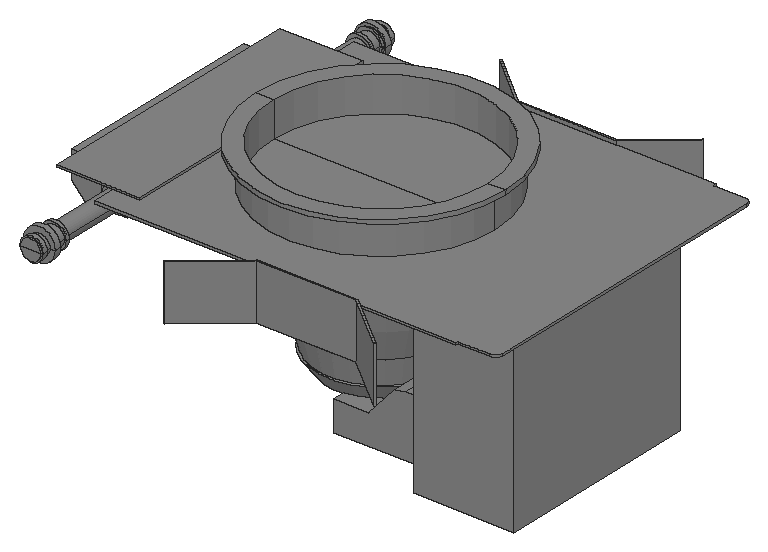
Revit family "CFR8", category Lighting Fixtures, host Face, Revit 2014
Parameters (values of type "CFR8")
  Watts = 26 W
  Wattage Comments = "18W/26W"  # constant formula
  Wattage = 26 W
  built-in parameter 1150110 = 1 (stored number, unit not read)
  Voltage = 120 V
  URL = "https://www.hubbell.com/prescolite/en/"
  built-in parameter 1114217 = 1 (stored number, unit not read)
  Tilt Angle = -90.00°
  built-in parameter 1150109 = 1 (stored number, unit not read)
  built-in parameter 1150134 = 3
  built-in parameter 1150113 = 1 (stored number, unit not read)
  Product Page URL = "https://www.hubbell.com/prescolite/en/Products/Lighting-Controls/Commercial-Indoor-Lighting/Recessed-Downlights/CFR8/p/212847"
  Product Documentation Link = "https://hubbellcdn.com/specsheet/arch_cfl_026.pdf"
  Power Factor = 0.97
  Photometric Web Link = "https://www.hubbell.com/prescolite/en/Products/Lighting-Controls/Commercial-Indoor-Lighting/Recessed-Downlights/CFR8/p/212847"
  Photometric Web File = "CFR8126UEB  ST492A1CL.ies"
  Photometric Notes = "More IES files download on Photometric Web Link"  # constant formula
  built-in parameter 1150142 = "IESNA:LM-63-2002\r\n[ISSUEDATE]05/27/09\r\n[TEST]ITL62344\r\n[TESTLAB]INDEPENDENT TESTING LABORATORIES, INC.\r\n[MANUFAC]PRESCOLITE, A DIVISION OF HUBBELL LIGHTING, INC.\r\n[LUMCAT]CFR8126UEB, ST492A1CL\r\n[LUMINAIRE]FABRICATED METAL FRAME, SPUN WHITE PAINTED METAL UPPER\r\n[MORE]REFLECTOR, SPUN SPECULAR METAL LOWER REFLECTOR WITH CLEAR\r\n[MORE]FLAT ACRYLIC LENS OVER UPPER APERTURE.\r\n[LAMP]ONE 26-WATT DOUBLE TWIN TUBE COMPACT FLUORESCENT, SYLVANIA\r\n[MORE]CF26DD/E/830. LAMP HORIZONTAL WITH TUBES VERTICAL.\r\n[BALLAST]ADVANCE ICF-2S26-H1-LD\r\n[_MOUNTING]RECESSED\r\n[OTHER]THE 0 DEGREE PLANE IS OPPOSITE THE SOCKET.\r\n[OTHER]TOTAL INPUT WATTS = 26.1 AT 120.0 VOLTS\r\nTILT=NONE\r\n1 1710 1 37 9 1 1 -0.65104 -0.65104 0\r\n1 1 26.1\r\n0 2.5 5 7.5 10 12.5 15 17.5 20 22.5 25 27.5 30 32.5 35 37.5 40 42.5 45 47.5 50\r\n 52.5 55 57.5 60 62.5 65 67.5 70 72.5 75 77.5 80 82.5 85 87.5 90\r\n0 22.5 45 67.5 90 112.5 135 157.5 180\r\n480 483 491 503 522 553 579 588 575 545 499 439 385 330 275 227 186 151 128 102\r\n 76 61 45 23 11 5 3 2 1 1 1 1 0 0 0 0 0\r\n480 476 487 500 514 533 557 567 563 552 526 487 436 384 322 269 218 175 145 116\r\n 87 67 52 30 15 6 4 2 2 1 1 1 0 0 0 0 0\r\n480 479 483 487 491 495 507 533 549 545 532 502 455 392 328 268 215 168 137 109\r\n 86 67 49 25 12 5 3 2 1 1 1 1 0 0 0 0 0\r\n480 479 482 487 491 494 502 517 548 567 563 548 513 451 372 295 225 175 147 123\r\n 95 72 52 29 14 6 3 2 2 1 1 1 0 0 0 0 0\r\n480 481 484 486 493 504 513 530 566 585 585 569 525 436 351 269 214 173 144 115\r\n 88 66 45 22 11 4 3 2 2 1 1 1 0 0 0 0 0\r\n480 482 484 489 494 499 509 526 559 577 578 566 530 462 378 297 230 179 148 122\r\n 95 71 52 28 13 5 3 2 2 1 1 1 0 0 0 0 0\r\n480 493 501 511 519 526 540 570 584 581 568 535 479 409 343 278 222 172 134 109\r\n 85 66 46 22 11 4 3 2 1 1 1 1 0 0 0 0 0\r\n480 485 496 511 528 552 583 595 594 586 564 522 464 398 337 281 235 188 151 118\r\n 91 70 53 30 13 5 3 2 2 1 1 1 0 0 0 0 0\r\n480 494 509 531 560 593 631 646 633 593 537 469 407 347 294 247 206 166 133 108\r\n 81 66 49 24 11 4 3 2 1 1 1 0 0 0 0 0 0\r\n\u001a\r\n"
  Model = "CFR8"  # constant formula
  Manufacturer = "Prescolite"  # constant formula
  built-in parameter 1150105 = 1720.3 (stored number, unit not read)
  Lumens = 1794 lm
  built-in parameter 1150115 = 1 (stored number, unit not read)
  Load Classification = Lighting
  built-in parameter 1150137 = (empty or 0)
  built-in parameter 1150139 = (empty or 0)
  built-in parameter 1150112 = 1 (stored number, unit not read)
  built-in parameter 1150114 = 1 (stored number, unit not read)
  Lamp = "CFL"  # constant formula
  built-in parameter 1150132 = (empty or 0)
  built-in parameter 1150102 = (empty or 0)
  built-in parameter 1150107 = 3200 (stored number, unit not read)
  built-in parameter 1150138 = (empty or 0)
  built-in parameter 1150106 = 17.203 (stored number, unit not read)
  Housing = Steel - Hubbell - Gray
  Glass = Hubbell - White Glass
  Finish = Steel - Hubbell - Gray
  Emit from Circle Diameter = 8"  # constant formula
  Emit Shape Visible in Rendering = no
  built-in parameter 1150104 = 6.4103 (stored number, unit not read)
  Dimming Lamp Color Temperature Shift = <None>
  Description = "8'' Horizontal Open,or Wall Wash Downlight"  # constant formula
  Default Elevation = 22"
  Contact Us = "https://www.hubbell.com/prescolite/en/contactUs"
  Color Filter = 16777215
  built-in parameter 1114218 = 1 (stored number, unit not read)
  built-in parameter 1150133 = 10 (stored number, unit not read)
  Assembly Code = "D5020210"
  Apparent Load = Watts / Power Factor  # 26.8041 VA
Reference planes (in)
  plane 1 "Center (Front/Back)": y = 0
  plane 2: z = 0
  plane 3 "Center (Left/Right)": x = 0
  plane 4: x = -8.75
  plane 5: x = 8.75
  plane 6: y = 7.5
  plane 7: y = -7.5
  plane 8: x = -0.64787
  plane 9: x = 2.7186
  plane 10: x = -0.39787
  plane 11: x = 3.52753
  plane 12: through (0.27621, -180, -7.70759) normal (-0.7547, 0, 0.6561)
  plane 13: through (0.9928, -180, -6.1091) normal (-0.1736, 0, 0.9848)
  plane 14: z = -8.125
  plane 15: z = -7.125
  plane 16: z = -1.25
  plane 17: x = -5.14787
  plane 18: x = -4.52287
  plane 19: x = -4.77575
  plane 20: z = 0.14944
  plane 21: z = -1.1219
  plane 22: z = 0.27444
Forms (in)
  Revolve 1, solid, material "Steel - Hubbell - Gray" <- "Finish"
    sketch origin (0, 0, -7.17078) x (1, 0, 0) y (0, 0, 1)
      loop
        arc (-4.48971, 5.92384) -> (-4.37089, 4.98878) -> (-4.16941, 4.06799) r 10.59103
        line (-4.16941, 4.06799) -> (-4.05904, 4.06799)
        arc (-4.05904, 4.06799) -> (-3.72967, 2.85775) -> (-3.23173, 1.70657) r 8.80705
        line (-3.23173, 1.70657) -> (-2.97707, 0.73315) -> (-3.03835, 0.71712)
        arc (-3.03835, 0.71712) -> (-2.80075, 0.37587) -> (-2.54787, 0.04578) r 9.14326
        line (-2.54787, 0.04578) -> (-0.64787, 0.04578) -> (-0.64787, 0.15065) -> (-2.50777, 0.15065)
        arc (-2.50777, 0.15065) -> (-3.40863, 2.13048) -> (-3.92424, 4.24362) r 11.60555
        line (-3.92424, 4.24362) -> (-3.92424, 4.39558) -> (-4.08959, 4.39558)
        arc (-4.08959, 4.39558) -> (-4.26353, 5.15226) -> (-4.37392, 5.92078) r 9.32522
        line (-4.37392, 5.92078) -> (-0.64787, 5.92078) -> (-0.64787, 6.04888) -> (-4.52287, 6.04888) -> (-4.52287, 7.32022) -> (-5.14787, 7.32022) -> (-5.14787, 7.1714) -> (-4.77575, 7.1714) -> (-4.77575, 5.92384) -> (-4.48971, 5.92384)
      axis (-0.64787, 0.04578) -> (-0.64787, 7.32022)
    angle from 0 to 360
  Sweep 2, solid, material "Steel - Hubbell - Gray" <- "Housing"
    path origin (0, 0, -7.17078) x (1, 0, 0) y (0, 0, 1)
      loop
        line (-1.02952, 5.92078) -> (-1.02952, 5.84578)
    profile origin (-1.02952, 0, -1.2875) x (0, -1, 0) y (1, 0, 0)
      loop
        line (-5.94341, -5.33125) -> (5.7798, -5.33125) -> (5.7798, 7.7136) -> (5.68018, 7.7136) -> (5.68018, 8.88165)
        arc (5.68018, 8.88165) -> (5.60696, 9.05843) -> (5.43018, 9.13165) r 0.25
        line (5.43018, 9.13165) -> (-5.57376, 9.13165)
        arc (-5.57376, 9.13165) -> (-5.75054, 9.05843) -> (-5.82376, 8.88165) r 0.25
        line (-5.82376, 8.88165) -> (-5.82376, 7.74648) -> (-5.94341, 7.74648) -> (-5.94341, -5.33125)
  Sweep 3, solid, material "Steel - Hubbell - Gray" <- "Housing"
    path origin (0, 0, 0) x (1, 0, 0) y (0, 1, 0)
      loop
        line (-7.94413, 3.93594) -> (-7.94413, -3.80679)
    profile origin (-7.94413, 0.06458, 0) x (1, 0, 0) y (0, 0, 1)
      loop
        line (-0.80587, -1.25) -> (-0.80587, -2.27623) -> (-0.36197, -2.80525) -> (1.20109, -2.80525) -> (1.60076, -2.40558) -> (1.60076, -1.25) -> (-0.80587, -1.25)
  Revolve 4, solid, material "Steel - Hubbell - Gray" <- "Housing"
    sketch origin (0, 0, -2.10708) x (1, 0, 0) y (0, 1, 0)
      loop
        line (-6.96996, 8.02907) -> (-7.33286, 8.02907) -> (-7.33286, 7.98474) -> (-7.38828, 7.98474) -> (-7.38828, 7.82958) -> (-7.33286, 7.82958) -> (-7.33286, 7.63662) -> (-7.54669, 7.63662) -> (-7.54669, 7.4246) -> (-7.46037, 7.4246) -> (-7.46037, 7.35772) -> (-7.35461, 7.35772) -> (-7.35461, 7.00661) -> (-7.43858, 7.00661) -> (-7.43858, 6.90317) -> (-7.30908, 6.90317) -> (-7.30908, 4.17882) -> (-7.46037, 4.17882) -> (-7.46037, 4.11194) -> (-7.54669, 4.11194) -> (-7.54669, 3.93594) -> (-6.96996, 3.93594) -> (-6.96996, 8.02907)
      axis (-6.96996, 8.02907) -> (-6.96996, 3.93594)
    angle from 0 to 360
  Sweep 5, solid, material "Steel - Hubbell - Gray" <- "Housing"
    path origin (0, 0, -7.17078) x (1, 0, 0) y (0, 0, 1)
      loop
        line (-6.75, 5.92078) -> (-6.75, 5.9961)
    profile origin (-6.75, 0, -1.21234) x (-1, 0, 0) y (0, -1, 0)
      loop
        line (1.66154, -5.13041) -> (1.66154, 4.92223) -> (-1.33846, 4.92223) -> (-1.33846, -5.13041) -> (1.66154, -5.13041)
  Revolve 6, solid, material "Steel - Hubbell - Gray" <- "Housing"
    sketch origin (0, 0.12915, -2.10708) x (1, 0, 0) y (0, 1, 0)
      loop
        line (-6.96996, -8.02907) -> (-6.96996, -3.93594) -> (-7.54669, -3.93594) -> (-7.54669, -4.11194) -> (-7.46037, -4.11194) -> (-7.46037, -4.17882) -> (-7.30908, -4.17882) -> (-7.30908, -6.90317) -> (-7.43858, -6.90317) -> (-7.43858, -7.00661) -> (-7.35461, -7.00661) -> (-7.35461, -7.35772) -> (-7.46037, -7.35772) -> (-7.46037, -7.4246) -> (-7.54669, -7.4246) -> (-7.54669, -7.63662) -> (-7.33286, -7.63662) -> (-7.33286, -7.82958) -> (-7.38828, -7.82958) -> (-7.38828, -7.98474) -> (-7.33286, -7.98474) -> (-7.33286, -8.02907) -> (-6.96996, -8.02907)
      axis (-6.96996, -8.02907) -> (-6.96996, -3.93594)
    angle from 0 to 360
  Sweep 7, solid, material "Steel - Hubbell - Gray" <- "Housing"
    path origin (0, 0, 0) x (1, 0, 0) y (0, 1, 0)
      loop
        line (5.12586, -3.74938) -> (5.12586, 3.78134)
    profile origin (5.12586, 0.01598, 0) x (-1, 0, 0) y (0, 0, 1)
      loop
        line (1.59833, -8.125) -> (1.59833, -1.325) -> (-2.01374, -1.325) -> (-2.01374, -8.125) -> (1.59833, -8.125)
  Sweep 8, solid, material "Steel - Hubbell - Gray" <- "Housing"
    path origin (0, 0.20871, -7.17078) x (1, 0, 0) y (0, 0, -1)
      loop
        line (0.63092, -4.07259) -> (0.63092, -6.07483)
    profile origin (0.63092, 0.20871, -2.09708) x (1, 0, 0) y (0, 1, 0)
      loop
        line (-1.13808, 5.73469) -> (2.50942, 5.73469) -> (4.35577, 7.28396) -> (4.31751, 7.32222) -> (2.49074, 5.78938) -> (-1.11939, 5.78938) -> (-2.94616, 7.32222) -> (-2.98443, 7.28396) -> (-1.13808, 5.73469)
  Sweep 9, solid, material "Steel - Hubbell - Gray" <- "Housing"
    path origin (0, -0.04511, -7.17078) x (1, 0, 0) y (0, 0, 1)
      loop
        line (1.27879, 4.07259) -> (1.27879, 6.07483)
    profile origin (1.27879, -0.04511, -2.09708) x (-1, 0, 0) y (0, -1, 0)
      loop
        line (1.78595, 5.73469) -> (3.78523, 7.41229) -> (3.74697, 7.45055) -> (1.76727, 5.78938) -> (-1.84287, 5.78938) -> (-3.82257, 7.45055) -> (-3.86083, 7.41229) -> (-1.86155, 5.73469) -> (1.78595, 5.73469)
  Sweep 10, solid, material "Steel - Hubbell - Gray" <- "Housing"
    path origin (0, 0, 0) x (1, 0, 0) y (0, 1, 0)
      loop
        line (2.7186, 2.58015) -> (2.7186, -2.41985)
    profile origin (2.7186, 0.08015, 0) x (1, 0, 0) y (0, 0, 1)
      loop
        line (-3.11647, -7.02724) -> (-3.11647, -8.125) -> (0.80893, -8.125) -> (0.80893, -5.8953) -> (-0.51327, -5.8953) -> (-0.93102, -5.96896) -> (-1.85097, -7.02724) -> (-3.11647, -7.02724)
  Extrusion 11, void
    sketch origin (0, 0, 0) x (1, 0, 0) y (0, 1, 0)
      loop
        circle (-0.64787, 0) r 4.5
    from 0 to -1.25
Lines and regions (in)
  symbolic lines
    curve 1: line (-8.75, 7.5, 0) -> (8.75, 7.5, 0)
    curve 2: line (-8.75, -7.5, 0) -> (-8.75, 7.5, 0)
    curve 3: line (8.75, -7.5, 0) -> (-8.75, -7.5, 0)
    curve 4: line (8.75, 7.5, 0) -> (8.75, -7.5, 0)
Dimensions and locks (in)
  equal spacing: plane 4, plane 3 "Center (Left/Right)", plane 5
  locked: plane 4 to plane 5 at 17.5
  locked: plane 6 to plane 7 at 15
  equal spacing: plane 6, plane 1 "Center (Front/Back)", plane 7
  locked: imposter light to Sweep 8 sketch curve at 1.27879
  locked: plane 4 to Sweep 3 sketch curve at 0.80587
  locked: Sweep 7 sketch curve to plane 5 at 3.62414
  locked: imposter light to Sweep 2 sketch curve at 0.38165
  locked: plane 3 "Center (Left/Right)" to plane 10 at 0.39787
  locked: plane 9 to plane 10 at 3.11647
  locked: plane 11 to plane 9 at 0.80893
  plane 2 to plane 15 = 7 1/8"
  plane 2 to plane 16 = 1 1/4"
  plane 8 to plane 18 = 3 7/8"
  locked: plane 18 to plane 19 at 0.25287
  plane 8 to plane 17 = 4 1/2"
  locked: plane 20 to plane 2 at 0.14944
  plane 2 to plane 14 = 8 1/8"
  radius of Extrusion 11 sketch curve = 4 1/2"
  aligned and locked: plane 2 to host face
  aligned and locked: level to host face
  aligned and locked: curve 1 to plane 6
  aligned and locked: plane 4 to curve 2
  aligned and locked: plane 7 to curve 3
  aligned and locked: plane 5 to curve 4
  aligned and locked: profile plane to plane 2
  aligned and locked: plane 9 to profile plane
  aligned and locked: plane 10 to Sweep 10 sketch curve
  aligned and locked: plane 11 to Sweep 10 sketch curve
  aligned and locked: plane 12 to Sweep 10 sketch curve
  aligned and locked: plane 13 to Sweep 10 sketch curve
  aligned and locked: plane 8 to Revolve 1 sketch curve
  aligned and locked: plane 17 to Revolve 1 sketch curve
  aligned and locked: plane 18 to Revolve 1 sketch curve
  aligned and locked: plane 19 to Revolve 1 sketch curve
  aligned and locked: plane 20 to Revolve 1 sketch curve
  aligned and locked: plane 21 to Revolve 1 sketch curve
  aligned and locked: Sweep 10 sketch curve to plane 14
  aligned and locked: Sweep 7 sketch curve to plane 14
  aligned and locked: imposter light to plane 22
Automatic sketch dimensions
  host sketch curve to host sketch curve = 96"
  host sketch curve to host sketch curve = 123.14567"
  Sweep 2 sketch curve to Sweep 2 sketch curve = 0.075"
  Sweep 2 sketch curve to plane 1 "Center (Front/Back)" = 5.94341"
  Sweep 2 sketch curve to Sweep 2 sketch curve = 0.11964"
  Sweep 2 sketch curve to Sweep 2 sketch curve = 1/4"  (x2)
  plane 1 "Center (Front/Back)" to Sweep 2 sketch curve = 5.43018"
  plane 1 "Center (Front/Back)" to Sweep 2 sketch curve = 5.7798"
  profile plane to Sweep 2 sketch curve = 5.33125"
  Sweep 2 sketch curve to profile plane = 7.7136"
  Sweep 2 sketch curve to profile plane = 7.74648"
  Sweep 2 sketch curve to Sweep 2 sketch curve = 1.13517"
  plane 7 to Sweep 3 sketch curve = 3.69321"
  Sweep 3 sketch curve to plane 6 = 3.56406"
  profile plane to Sweep 3 sketch curve = 0.80587"
  profile plane to Sweep 3 sketch curve = 0.36197"
  Sweep 3 sketch curve to profile plane = 1.20109"
  Sweep 3 sketch curve to profile plane = 1.60076"
  Sweep 3 sketch curve to level = 2.80525"
  Sweep 3 sketch curve to Sweep 3 sketch curve = 0.39967"
  Sweep 3 sketch curve to Sweep 3 sketch curve = 0.52902"
  Sweep 3 sketch curve to Sweep 3 sketch curve = 1.02623"
  plane 6 to Revolve 4 sketch curve = 0.13662"
  plane 4 to Revolve 4 sketch curve = 1.20331"  (x2)
  Revolve 4 sketch curve to Revolve 4 sketch curve = 0.08631"  (x2)
  Revolve 4 sketch curve to Revolve 4 sketch curve = 0.0218"
  Revolve 4 sketch curve to Revolve 4 sketch curve = 0.15841"
  Revolve 4 sketch curve to Revolve 4 sketch curve = 0.08396"
  Revolve 4 sketch curve to Revolve 4 sketch curve = 0.05541"  (x2)
  Revolve 4 sketch curve to Revolve 4 sketch curve = 0.04554"
  Revolve 4 sketch curve to Revolve 4 sketch curve = 0.36291"
  Revolve 4 sketch curve to Revolve 4 sketch curve = 0"  (x2)
  Revolve 4 sketch curve to plane 6 = 0.0754"
  Revolve 4 sketch curve to Revolve 4 sketch curve = 0.06688"  (x2)
  Revolve 4 sketch curve to Revolve 4 sketch curve = 0.35111"
  Revolve 4 sketch curve to Revolve 4 sketch curve = 0.10344"
  Revolve 4 sketch curve to Revolve 4 sketch curve = 2.72435"
  Revolve 4 sketch curve to Revolve 4 sketch curve = 0.17601"
  Revolve 4 sketch curve to Revolve 4 sketch curve = 0.74166"
  Revolve 4 sketch curve to Revolve 4 sketch curve = 0.19295"
  Revolve 4 sketch curve to Revolve 4 sketch curve = 0.15516"
  Revolve 4 sketch curve to Revolve 4 sketch curve = 0.04433"
  plane 4 to Sweep 5 sketch curve = 2"
  Sweep 5 sketch curve to Sweep 5 sketch curve = 0.07532"
  profile plane to Sweep 5 sketch curve = 1.33846"
  Sweep 5 sketch curve to profile plane = 1.66154"
  Sweep 5 sketch curve to plane 1 "Center (Front/Back)" = 5.13041"
  plane 1 "Center (Front/Back)" to Sweep 5 sketch curve = 4.92223"
  Revolve 6 sketch curve to plane 7 = 0.00747"
  plane 4 to Revolve 6 sketch curve = 1.20331"  (x2)
  Revolve 6 sketch curve to Revolve 6 sketch curve = 0.08631"  (x2)
  Revolve 6 sketch curve to Revolve 6 sketch curve = 0.0218"
  Revolve 6 sketch curve to Revolve 6 sketch curve = 0.15841"
  Revolve 6 sketch curve to Revolve 6 sketch curve = 0.08396"
  Revolve 6 sketch curve to Revolve 6 sketch curve = 0.05541"  (x2)
  Revolve 6 sketch curve to Revolve 6 sketch curve = 0.04554"
  Revolve 6 sketch curve to Revolve 6 sketch curve = 0.36291"
  Revolve 6 sketch curve to Revolve 6 sketch curve = 0"  (x2)
  Revolve 6 sketch curve to Revolve 6 sketch curve = 0.19295"
  Revolve 6 sketch curve to Revolve 6 sketch curve = 0.15516"
  Revolve 6 sketch curve to Revolve 6 sketch curve = 0.04433"
  plane 7 to Revolve 6 sketch curve = 0.20456"
  Revolve 6 sketch curve to Revolve 6 sketch curve = 0.06688"  (x2)
  Revolve 6 sketch curve to Revolve 6 sketch curve = 0.35111"
  Revolve 6 sketch curve to Revolve 6 sketch curve = 0.10344"
  Revolve 6 sketch curve to Revolve 6 sketch curve = 2.72435"
  Revolve 6 sketch curve to Revolve 6 sketch curve = 0.17601"
  Revolve 6 sketch curve to Revolve 6 sketch curve = 0.74166"
  plane 1 "Center (Front/Back)" to Sweep 7 sketch curve = 3.74938"
  Sweep 7 sketch curve to plane 1 "Center (Front/Back)" = 3.78134"
  Sweep 8 sketch curve to Sweep 8 sketch curve = 2.00224"
  profile plane to Sweep 8 sketch curve = 2.98443"
  Sweep 8 sketch curve to Sweep 8 sketch curve = 0.03826"  (x4)
  profile plane to Sweep 8 sketch curve = 1.13808"
  Sweep 8 sketch curve to Sweep 8 sketch curve = 0.01868"  (x2)
  Sweep 8 sketch curve to profile plane = 2.49074"
  Sweep 8 sketch curve to Sweep 8 sketch curve = 1.82677"
  profile plane to Sweep 8 sketch curve = 5.73469"
  Sweep 8 sketch curve to Sweep 8 sketch curve = 7/128"
  Sweep 8 sketch curve to Sweep 8 sketch curve = 1.49458"  (x2)
  plane 3 "Center (Left/Right)" to Sweep 9 sketch curve = 1.27879"
  profile plane to Sweep 9 sketch curve = 3.86083"
  Sweep 9 sketch curve to Sweep 9 sketch curve = 0.03826"  (x4)
  profile plane to Sweep 9 sketch curve = 1.86155"
  Sweep 9 sketch curve to Sweep 9 sketch curve = 0.01868"  (x2)
  Sweep 9 sketch curve to profile plane = 1.76727"
  Sweep 9 sketch curve to Sweep 9 sketch curve = 1.9797"
  profile plane to Sweep 9 sketch curve = 5.73469"
  Sweep 9 sketch curve to Sweep 9 sketch curve = 7/128"
  Sweep 9 sketch curve to Sweep 9 sketch curve = 1.6229"  (x2)
  Sweep 2 sketch curve to level = 1.325"
  Sweep 5 sketch curve to level = 1 1/4"
  Sweep 8 sketch curve to level = 1.09596"
  Sweep 9 sketch curve to level = 1.09596"
  Sweep 9 sketch curve to Sweep 9 sketch curve = 2.00224"
  plane 3 "Center (Left/Right)" to Sweep 10 sketch curve = 2.7186"
  plane 1 "Center (Front/Back)" to Sweep 10 sketch curve = 2.41985"
  Sweep 10 sketch curve to plane 1 "Center (Front/Back)" = 2.58015"
  plane 1 "Center (Front/Back)" to Extrusion 11 sketch curve = 0"
  Extrusion 11 sketch curve to plane 8 = 0"
  Revolve 1 sketch curve to Revolve 1 sketch curve = 0"  (x2)
  Revolve 1 sketch curve to plane 16 = 0"
  Revolve 1 sketch curve to plane 15 = 0"
  Revolve 1 sketch curve to plane 8 = 0"  (x2)
  plane 15 to Revolve 1 sketch curve = 0.10487"
  Revolve 1 sketch curve to Revolve 1 sketch curve = 0.0401"
  Revolve 1 sketch curve to Revolve 1 sketch curve = 0.4693"
  plane 15 to Revolve 1 sketch curve = 0.67134"
  Revolve 1 sketch curve to Revolve 1 sketch curve = 0.06128"
  Revolve 1 sketch curve to Revolve 1 sketch curve = 0.25465"
  Revolve 1 sketch curve to plane 16 = 1.67716"
  Revolve 1 sketch curve to Revolve 1 sketch curve = 0.69251"
  Revolve 1 sketch curve to Revolve 1 sketch curve = 0.1348"
  Revolve 1 sketch curve to Revolve 1 sketch curve = 0.03055"
  Revolve 1 sketch curve to Revolve 1 sketch curve = 0.11037"
  Revolve 1 sketch curve to Revolve 1 sketch curve = 0.28433"
  plane 16 to Revolve 1 sketch curve = 0.00306"
  Revolve 1 sketch curve to Revolve 1 sketch curve = 0.11579"
  Revolve 1 sketch curve to Revolve 1 sketch curve = 0.03316"
  level to Revolve 1 sketch curve = 0.00061"
  Revolve 1 sketch curve to plane 16 = 0.15105"
  Revolve 1 sketch curve to Revolve 1 sketch curve = 0.32172"
  plane 16 to Revolve 1 sketch curve = 0.0052"
  Revolve 1 sketch curve to level = 0.38072"
  Revolve 1 sketch curve to Revolve 1 sketch curve = 1.16207"
  Revolve 1 sketch curve to Revolve 1 sketch curve = 0.15195"
  Revolve 1 sketch curve to plane 14 = 0.94465"
  level to Revolve 1 sketch curve = 2.68035"
  Sweep 10 sketch curve to plane 13 = 0.88246"
  Sweep 10 sketch curve to plane 12 = 0.26695"
  profile plane to Sweep 7 sketch curve = 2.01374"
  Sweep 7 sketch curve to profile plane = 1.59833"
  Sweep 7 sketch curve to level = 1.325"
Connectors (in)
  electrical at (5.33356, 0.01598, -8.125), driven by "Apparent Load", driven by "Load Classification", driven by "Voltage", driven by "Apparent Load", driven by "Power Factor"
    settings: on Sweep 7, index 1, voltage 120 V, apparent load 26.8041 VA, apparent load phase1 26.8041 VA, apparent load phase2 0 VA, apparent load phase3 0 VA, power factor 0.97, load classification "Lighting", number of poles 1, system type 30, power factor state 1, is connector primary yes, connector utility no, sub classification motor no, connector description "Lighting Connector"
